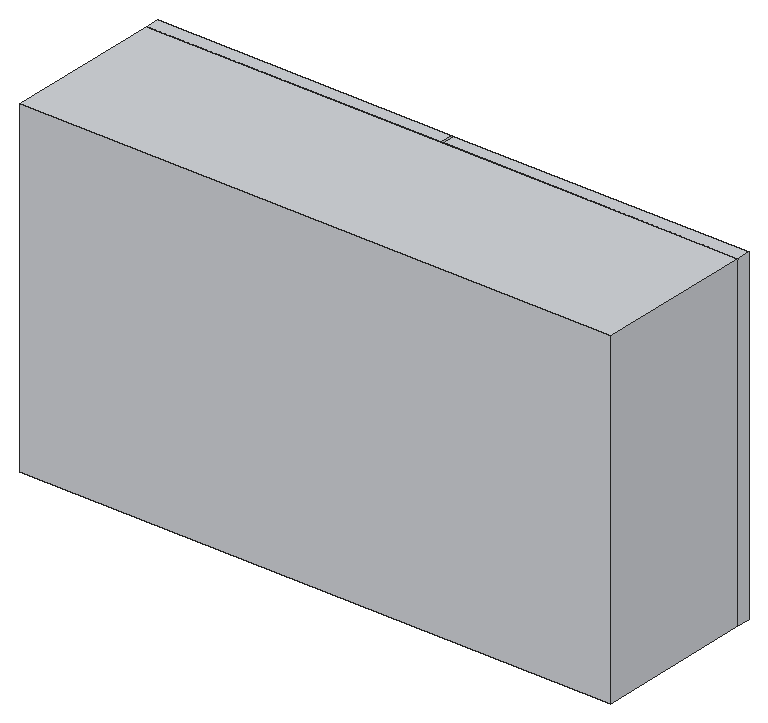
Revit family
Parameters (values of type "1000 x 557 x 290mm")
  Width = 1000 mm
  Materiale = none
  Manufacturer = "Revit"
  Height = 557 mm
  Maniglia = none
  Vetro = Glass
  Depth = 290 mm
  Assembly Code = ""
Types (6, lengths in mm): name | Width | Height | Assembly Code
  600 x 720 x 290mm | 600 | 720 | "C1030400"
  800 x 720 x 290mm | 800 | 720 | "C1030400"
  1000 x 720 x 290mm | 1000 | 720 | "C1030400"
  600 x 557 x 290mm | 600 | 557 | "C1030400"
  800 x 557 x 290mm | 800 | 557 | "C1030400"
  1000 x 557 x 290mm | 1000 | 557 | ""
Reference planes
  plane 1: y = 0
  plane 2 "Center (Left/Right)": x = 175
  plane 3 "Back": y = 75
  plane 4: z = 2039.786
  plane 5: z = 1482.786
  plane 6: x = 675
  plane 7: x = -325
  plane 8: y = 365
  plane 9: z = 1504.786
Forms (mm)
  Extrusion 1, solid, material <- "Materiale"
    sketch origin (0, 0, 0) x (1, 0, 0) y (0, 1, 0)
      loop
        line (-325, 343) -> (-325, 75) -> (675, 75) -> (675, 343) -> (653, 343) -> (653, 97) -> (-303, 97) -> (-303, 343) -> (-325, 343)
    from 1482.786 to 2017.786
  Extrusion 2, solid, material <- "Materiale"
    sketch origin (0, 0, 2017.786) x (1, 0, 0) y (0, 1, 0)
      loop
        line (-325, 343) -> (-325, 75) -> (675, 75) -> (675, 343) -> (-325, 343)
    from 0 to 22
  Extrusion 3, solid, material <- "Materiale"
    sketch origin (0, 0, 1319.786) x (1, 0, 0) y (0, 1, 0)
      loop
        line (-325, 343) -> (-325, 75) -> (675, 75) -> (675, 343) -> (-325, 343)
    from 185 to 163
  Extrusion 4, solid, material <- "Materiale"
    sketch origin (675, 343, 2017.786) x (0, 0, -1) y (-1, 0, 0)
      loop
        line (-22, 0) -> (535, 0) -> (535, 498) -> (-22, 498) -> (-22, 0)
      loop
        line (58, 80) -> (435, 80) -> (435, 418) -> (58, 418) -> (58, 80)
      loop
        line (-22, 1000) -> (-22, 502) -> (535, 502) -> (535, 1000) -> (-22, 1000)
      loop
        line (58, 920) -> (58, 582) -> (435, 582) -> (435, 920) -> (58, 920)
    from 0 to 22
  Extrusion 5, solid, material "Glass" <- "Vetro"
    sketch origin (0, 365, 0) x (1, 0, 0) y (0, 0, 1)
      loop
        line (595, 1959.786) -> (257, 1959.786) -> (257, 1582.786) -> (595, 1582.786) -> (595, 1959.786)
      loop
        line (93, 1959.786) -> (-245, 1959.786) -> (-245, 1582.786) -> (93, 1582.786) -> (93, 1959.786)
    from 0 to 8
Cuts and joins
  joined: Extrusion 1, Extrusion 2, Extrusion 3
Text (mm)
  text "Placement side" at (-1343.702, 674.496, 0), in view "Ref. Level"
  text "Placement side" at (0, 1232.041, 2958.779), in view "Left"
  text "Placement side" at (0, 590.385, 3035.99), in view "Right"
Dimensions and locks
  locked: plane 3 "Back" to host wall at 0
  "Depth": plane 3 "Back" to plane 8
  equal spacing: plane 7, plane 2 "Center (Left/Right)", plane 6
  "Height": plane 5 to plane 4
  "Width": plane 6 to plane 7
  locked: plane 5 to plane 9 at 22
  locked: plane 5 to nested 1 at 59
  locked: Extrusion 4 sketch curve to Extrusion 4 sketch curve at 100  (x2)
  locked: Extrusion 4 sketch curve to Extrusion 4 sketch curve at 80  (x6)
  locked: Extrusion 4 sketch curve to Extrusion 4 sketch curve at 4
  equal spacing: plane 6, nested 1, plane 2 "Center (Left/Right)"
  equal spacing: plane 2 "Center (Left/Right)", nested 2, plane 7
  locked: plane 5 to nested 2 at 47
  aligned and locked: plane 1 to host wall
  aligned and locked: Extrusion 1 sketch curve to plane 7
  aligned and locked: plane 6 to Extrusion 1 sketch curve
  aligned and locked: plane 3 "Back" to Extrusion 1 sketch curve
  aligned and locked: Extrusion 2 to plane 4
  aligned and locked: Extrusion 1 to Extrusion 2
  aligned and locked: Extrusion 1 to Extrusion 3
  aligned and locked: plane 8 to nested 1
  aligned and locked: Extrusion 3 to plane 9
  aligned and locked: plane 5 to cut or joined group of Extrusion 1, Extrusion 2, Extrusion 3
  aligned and locked: Extrusion 4 sketch curve to plane 5
  aligned and locked: plane 5 to Extrusion 4 sketch curve
  aligned and locked: plane 4 to Extrusion 4 sketch curve
  aligned and locked: Extrusion 4 sketch curve to plane 4
  aligned and locked: Extrusion 4 sketch curve to plane 7
  aligned and locked: Extrusion 4 sketch curve to plane 6
Automatic sketch dimensions
  plane 7 to Extrusion 1 sketch curve = 22 mm
  Extrusion 1 sketch curve to plane 6 = 22 mm
  host wall to Extrusion 1 sketch curve = 22 mm
  plane 8 to Extrusion 1 sketch curve = 22 mm  (x2)
  Extrusion 2 sketch curve to host wall = 0 mm
  Extrusion 2 sketch curve to plane 7 = 0 mm
  Extrusion 2 sketch curve to plane 6 = 0 mm
  plane 8 to Extrusion 2 sketch curve = 22 mm
  Extrusion 3 sketch curve to host wall = 0 mm
  Extrusion 3 sketch curve to plane 7 = 0 mm
  Extrusion 3 sketch curve to plane 6 = 0 mm
  plane 8 to Extrusion 3 sketch curve = 22 mm
  Extrusion 4 sketch curve to plane 2 "Center (Left/Right)" = 2 mm
  plane 7 to Extrusion 5 sketch curve = 80 mm
  Extrusion 5 sketch curve to plane 2 "Center (Left/Right)" = 82 mm
  plane 2 "Center (Left/Right)" to Extrusion 5 sketch curve = 82 mm
  Extrusion 5 sketch curve to plane 6 = 80 mm
  Extrusion 5 sketch curve to plane 9 = 78 mm  (x2)
  plane 4 to Extrusion 5 sketch curve = 80 mm  (x2)
Nested families
  nested 1: "Casework Handle" at (699.877, 388, 1529.786), type "220 x 23mm"
  nested 2: "Casework Handle" at (199.877, 388, 1529.786), type "220 x 23mm"
Definition of nested family "Casework Handle"
  Parameters (values of type "220 x 23mm")
    Material = none
  Reference planes
    plane 1 "Center (Front/Back)": y = 0
    plane 2: z = 0
    plane 3 "Center (Left/Right)": x = -274.877
    plane 4: x = -384.877
    plane 5: x = -164.877
    plane 6: y = 23
    plane 7: z = 12
  Forms (mm)
    Sweep 1, solid, material <- "Material"
      path origin (0, 0, 0) x (1, 0, 0) y (0, 1, 0)
        loop
          line (-384.877, 23) -> (-384.877, 2.5)
          arc (-384.877, 2.5) -> (-384.145, 0.732) -> (-382.377, 0) r 2.5
          line (-382.377, 0) -> (-167.377, 0)
          arc (-167.377, 0) -> (-165.609, 0.732) -> (-164.877, 2.5) r 2.5
          line (-164.877, 2.5) -> (-164.877, 23)
      profile origin (0, 12.75, 0) x (1, 0, 0) y (0, 0, 1)
        loop
          line (-384.877, 0) -> (-382.877, 0) -> (-382.877, 12) -> (-384.877, 12) -> (-384.877, 0)
    Extrusion 2, solid, material <- "Material"
      sketch origin (0, 0, 0) x (1, 0, 0) y (0, 1, 0)
        loop
          arc (-382.877, 2.5) -> (-382.731, 2.146) -> (-382.377, 2) r 0.5
          line (-382.377, 2) -> (-167.377, 2)
          arc (-167.377, 2) -> (-167.023, 2.146) -> (-166.877, 2.5) r 0.5
          line (-166.877, 2.5) -> (-166.877, 23) -> (-382.877, 23) -> (-382.877, 2.5)
      from 2.765 to 9.254
  Dimensions and locks
    equal spacing: plane 4, plane 3 "Center (Left/Right)", plane 5
